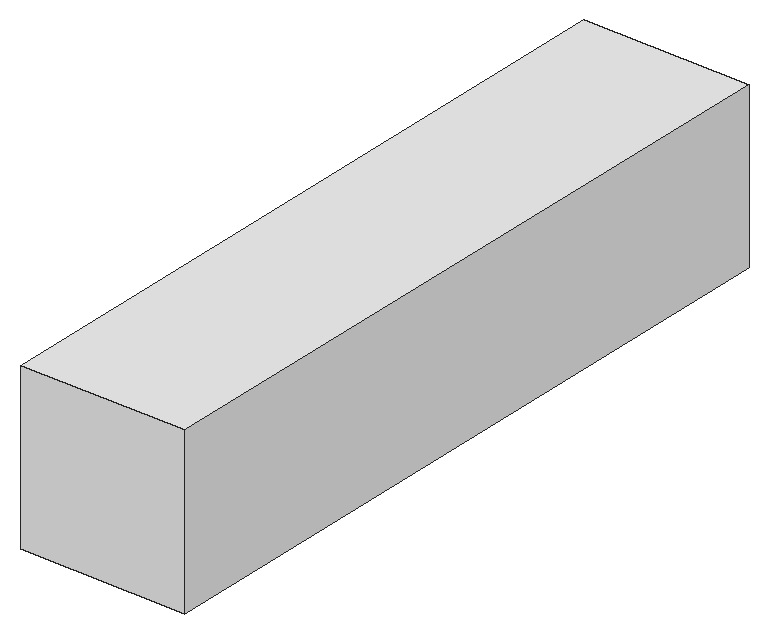
Revit family "Sanitary_Accessories_57118-PRESTO-Linea-Wall-mounted-single-sensor-tap-FR", category Pipe Accessories, Revit 2018
Family settings
  Round Connector Dimension = Use Diameter
  Part Type = Normal
  Work Plane-Based = No
  Always vertical = Yes
  Cut with Voids When Loaded = No
  Shared = No
Parameters (values of type "57118 PRESTO Linea  - Robinet simple électronique mural pour lavabo")
  Youtube clip = ""
  Weight Net (Kg) = ""
  Uniformat II Description = ""
  Uniformat II Code = ""
  Uniclass 2015 Name = ""
  Uniclass 2015 Code = ""
  Uniclass 2.0 Description = ""
  Uniclass 2.0 Code = ""
  Uniclass 1.4 Description = ""
  Uniclass 1.4 Code = ""
  URL du produit = "http://www.prestodatashare.com/centretelechargement/index.php?lang=FR&refs=57118"
  URL = "http://www.presto.fr"
  UNSPSC Code = ""
  Technical description = "http://www.prestodatashare.com/espacedoc/Fiches_Techniques/GB/57118.pdf"
  Region South America = ""
  Region Oceania = ""
  Region North America = ""
  Region Middle East = ""
  Region Europe = ""
  Region Asia = ""
  Region Antarctica = ""
  Region Africa = ""
  Raccordement = "Alimentation hydraulique : Flexibles G 3/8'' (12x17)\r\nAlimentation électrique : Pile lithium 6V CR 123 intégrée dans le corps du robinet"  # constant formula
  QR code = "https://www.bimobject.com/presto/product/pre-linea-57118"
  Profondeur = 257.5 mm  # constant formula
  Product url = "http://www.prestodatashare.com/centretelechargement/index.php?lang=GB&refs=57118"
  Product name = "57118 PRESTO Linea - Wall-mounted single sensor tap"
  Product group = "Washbasin"
  Product family = "Sanitary"
  Product data url = "https://www.bimobject.com/presto/product/pre-linea-57118"
  Product certification = ""
  Product SKU = "PRE-LINEA-57118"
  Product Guid = "c6cf7727-f925-4ebe-8ff5-cf2028805bc8"
  Pression [instance] = "1 à 5 bars"  # constant formula
  Perte de charge [instance] = 5.00 bar
  OmniClass Description = ""
  OmniClass Code = ""
  NBS Reference Description = ""
  NBS Reference Code = ""
  Model = "57118"
  Matériau [instance] = Corps en laiton chromé, intérieur lisse
  Masterformat 2014 Description = ""
  Masterformat 2014 Code = ""
  Manufacturer name = "Presto"
  Manufacturer country = ""
  Manufacturer = "LES ROBINETS PRESTO S.A."  # constant formula
  Lien notice d'utilisation = "http://www.prestodatashare.com/centretelechargement/support.php?ref=57118&lang=FR"
  Lien fiche produit = "http://www.prestodatashare.com/espacedoc/Fiches_Techniques/FR/57118.pdf"
  Lien CCTP = "http://www.prestodatashare.com/centretelechargement/index.php?lang=FR&refs=57118"
  Largeur = 60 mm  # constant formula
  Installation instructions = "http://www.prestodatashare.com/centretelechargement/support.php?ref=57118&lang=GB"
  IFC Classification = ""
  Hauteur = 60 mm  # constant formula
  Garantie = "10 ans"  # constant formula
  Fonction = "Débit : 1,9 l/mn par régulateur de débit intégré\r\nAérateur anti-tartre haute qualité"  # constant formula
  Flux = 1.9 L/min
  Edition number = 1
  EAN code = ""
  Diamètre Nominal = 9.5 mm  # constant formula
  Design country = ""
  Description = "Traversée de cloison, Pile, 1,9l/min sans robinets d'arrêt\r\nDéclenchement sans contact adapté PMR"  # constant formula
  Date of publishing = ""
  COBIe Type Category = ""
  Brand url = ""
  BIMobject category = "Sanitary Accessories"
  Adresse = "7, RUE RACINE - 92542 MONTROUGE CEDEX FRANCE"  # constant formula
Reference planes
  plane 1 "Center (Front/Back)": y = 0
  plane 2: z = 0
  plane 3 "Center (Left/Right)": x = 0
  plane 4: x = -30
  plane 5: x = 30
  plane 6: y = -257.5
  plane 7: z = 60
Forms (mm)
  Extrusion 1, solid, material "Corps en laiton chromé, intérieur lisse" <- "Matériau", detail levels fine
    sketch origin (0, 0, 0) x (1, 0, 0) y (0, 1, 0)
      loop
        line (-30, 0) -> (-30, -257.5) -> (30, -257.5) -> (30, 0) -> (-30, 0)
    from 0 to 60
Lines and regions (mm)
  symbolic lines
    curve 1: line (-30, 0, 0) -> (30, 0, 0)
    curve 2: line (30, 0, 0) -> (-30, -257.5, 0)
    curve 3: line (-30, -257.5, 0) -> (30, -257.5, 0)
    curve 4: line (30, -257.5, 0) -> (-30, 0, 0)
  model lines, detail levels coarse+medium
    curve 5: line (-30, -257.5, 30) -> (30, -257.5, 30)
    curve 6: line (30, -257.5, 30) -> (-30, 0, 30)
    curve 7: line (-30, 0, 30) -> (30, 0, 30)
    curve 8: line (30, 0, 30) -> (-30, -257.5, 30)
Dimensions and locks
  equal spacing: plane 4, plane 3 "Center (Left/Right)", plane 5
  "Largeur": plane 4 to plane 5
  "Hauteur": plane 7 to level
  "Profondeur": plane 6 to plane 1 "Center (Front/Back)"
  aligned and locked: plane 2 to level
  aligned and locked: Extrusion 1 sketch curve to plane 4
  aligned and locked: plane 5 to Extrusion 1 sketch curve
  aligned and locked: Extrusion 1 sketch curve to plane 6
  aligned and locked: plane 7 to Extrusion 1
  aligned and locked: Extrusion 1 to plane 1 "Center (Front/Back)"
  aligned and locked: plane 6 to Extrusion 1
  aligned and locked: plane 4 to curve 4
  aligned and locked: curve 3 to plane 4
  aligned and locked: plane 5 to curve 2
  aligned and locked: plane 5 to curve 4
  aligned and locked: plane 6 to curve 4
  aligned and locked: plane 6 to curve 3
  aligned and locked: plane 1 "Center (Front/Back)" to curve 4
  aligned and locked: plane 1 "Center (Front/Back)" to curve 2
Automatic sketch dimensions
  plane 1 "Center (Front/Back)" to Extrusion 1 sketch curve = 0 mm
  curve 8 to plane 4 = 0 mm
  plane 1 "Center (Front/Back)" to curve 7 = 0 mm
  curve 7 to plane 4 = 0 mm
  curve 7 to plane 5 = 0 mm
  curve 6 to plane 5 = 0 mm
  plane 6 to curve 5 = 0 mm
Connectors
  piping at (0, 0, 30), diameter 9.5, driven by "Diamètre Nominal", driven by "Flux", driven by "Perte de charge"
    settings: on Extrusion 1, index 1, connector inside diameter 24", connector length 0 mm, flow factor 0, pipe flow 1.9 L/min, pressure drop 5.00 bar, fitting loss kfactor 0, connector angle 0.00°, fixture units 0, engagement length 0 mm, angle of deflection 0.00°, flow configuration 0, flow direction 1, fitting loss method 4, system type 20, joint type 0, gender type 0, connector reference index -1, connector utility 0, adjustable connector no, is connector primary yes, connector description "Water input"
